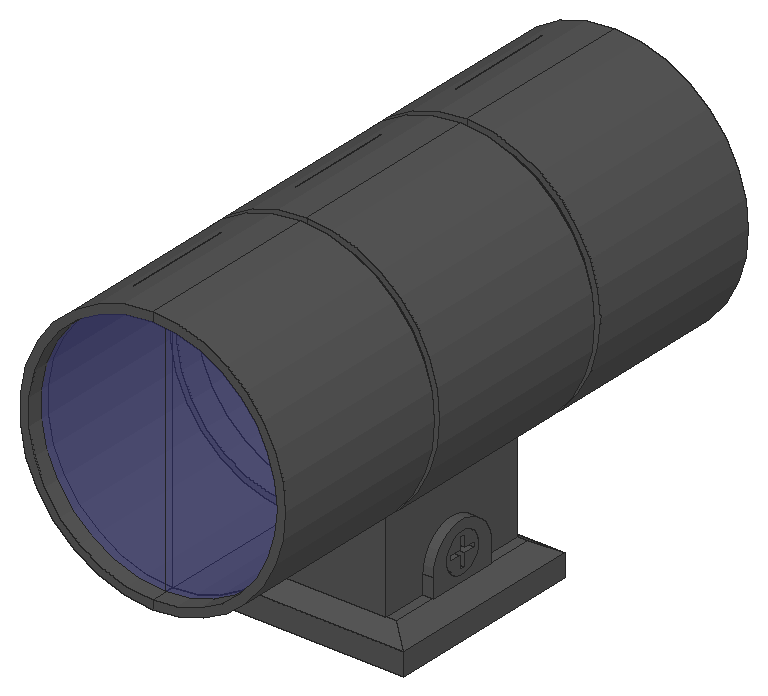
Revit family "CARLO CYLINDER LIGHT WALL MOUNT", category Lighting Fixtures, host Face, Revit 2020 (continued)
Types (10): name | Wattage_Input | Wattage Comments | Wattage | Photometric Web File | built-in parameter 1150142 | Model | built-in parameter 1150105 | Lumens | Light Length 1 | LIGHT RADIUS | LIGHT PLACEMENT | LIGHT LENGTH | LIGHT DIA | built-in parameter 1150106 | FIXED END HEIGHT | Curve base Height | Base Curve | BEAMING ANGLE | Apparent Load
    4 1.5388 1.4759 1.4174 1.3644 1.3163 1.274 \r\n 1.2334 1.1895 1.1466 1.108 1.0715 1.0367 1.0017 0.96382 0.92607 0.89125 \r\n 0.85706 0.82202 0.78651 0.7498 0.7137 0.68078 0.64814 0.61317 0.57765 0.54244 \r\n 0.50763 0.47362 0.44035 0.40918 0.37626 0.33546 0.29563 0.30575 0.32427 0.318 \r\n 0.31078 0.32247 0.33184 0.31101 0.29971 0.34874 0.39696 0.42587 0.45112 0.48497 \r\n 0.52013 0.55193 0.58477 0.6234 0.66208 0.69486 0.72707 0.76303 0.79988 0.83587 \r\n 0.87201 0.90887 0.94605 0.98331 1.0207 1.0579 1.0956 1.1344 1.1733 1.2108 \r\n 1.2484 1.287 1.3277 1.3727 1.4233 1.4827 1.548 1.6177 1.6905 1.7631 \r\n 1.8405 1.9277 2.0208 2.115 2.2188 2.3399 2.4762 2.6266 2.7963 2.9876 \r\n 3.2069 3.4643 3.7503 4.0482 4.3902 4.8072 5.2855 5.8124 6.4165 7.1433 \r\n 7.9288 8.7068 9.5296 10.446 11.401 12.343 13.312 14.345 15.413 16.498 \r\n 17.604 18.704 19.878 21.214 22.665 24.166 25.847 27.729 30.077 33.262 \r\n 36.993 39.685 45.599 60.036 78.3 97.234 117.53 138.02 161.1 189.79 \r\n 220.96 252.73 284.48 314.92 344.18 372.36 398.18 420.6 439.06 452.13 \r\n 461.34 467 471.26 477.09 482.3 485.14 487.35 490.34 493.38 496.11 \r\n 498.86 501.86 504.98 508.19 511.43 514.63 517.77 520.74 523.77 527.15 \r\n 530.56 533.68 536.79 540.06 543.55 547.31 551.56 556.47 562.28 569.11 \r\n 577.49 588.01 600.53 614.87 631.75 651.64 675.22 702.83 735.96 774.44 \r\n 823.48 891.88 968.69 1044.6 1123.5 1202.1 1293.1 1411 1547.1 1698 \r\n 1863.2 2041.3 2232.1 2437.7 2650.7 2863.6 3078 3293.3 3508.1 3722.5 \r\n 3931.9 4131.6 4321.5 4500.7 4667.6 4819.6 4959.3 5090.6 5207.7 5305.7 \r\n 5386.7 5449.8 5498.9 5538.2 5566.4 5583.3 5589 5583.1 5566.4 5540 \r\n 5509.6 \r\n5444.5 5549.8 5578 5594.7 5600.1 5594.6 5577.4 5547.1 5506.2 5458.8 \r\n 5399.3 5323.9 5231 5115.1 4984 4844.8 4693.9 4530 4353.9 4165.6 \r\n 3966.8 3758.6 3544.1 3325.8 3106.7 2890.8 2678.3 2469.9 2268.4 2076.7 \r\n 1895.5 1725 1569.2 1430.7 1312.9 1226.5 1152.1 1072.2 992.5 908.38 \r\n 832.86 781.38 742.04 707.84 679.47 655.44 635.24 617.93 603.27 590.68 \r\n 580.12 571.45 564.34 558.56 553.74 549.47 545.68 542.23 538.98 535.75 \r\n 532.53 529.14 525.82 522.82 519.97 517.25 514.47 511.36 508.19 505.13 \r\n 502.12 499.17 496.19 493.03 489.88 487.3 484.12 478.92 473.05 468.22 \r\n 461.85 452.18 438.53 418.97 395.41 368.79 340.13 310.99 280.68 248.36 \r\n 216.11 184.98 157.24 137.15 119.76 101.12 82.51 62.08 45.285 39.28 \r\n 37.126 33.701 30.704 28.146 25.979 24.224 22.696 21.173 19.787 18.656 \r\n 17.606 16.469 15.347 14.299 13.294 12.322 11.377 10.436 9.5366 8.7188 \r\n 7.9431 7.1639 6.4395 5.8237 5.2852 4.8116 4.4003 4.052 3.7445 3.4504 \r\n 3.1864 2.9634 2.772 2.6091 2.4663 2.3333 2.2134 2.1084 2.0125 1.9189 \r\n 1.8319 1.7552 1.6834 1.6119 1.5434 1.4788 1.4193 1.366 1.3192 1.2822 \r\n 1.2468 1.2068 1.1668 1.1304 1.0945 1.0565 1.0184 0.98211 0.94627 0.9102 \r\n 0.87414 0.83807 0.80201 0.76543 0.72988 0.69786 0.66585 0.63035 0.59383 0.55752 \r\n 0.5217 0.48736 0.45352 0.42045 0.3854 0.34343 0.30249 0.31377 0.33393 0.32923 \r\n 0.32209 0.32923 0.33393 0.31377 0.30249 0.34343 0.3854 0.42045 0.45352 0.48736 \r\n 0.5217 0.55752 0.59383 0.63035 0.66585 0.69786 0.72988 0.76543 0.80201 0.83807 \r\n 0.87414 0.9102 0.94627 0.98211 1.0184 1.0565 1.0945 1.1304 1.1668 1.2068 \r\n 1.2468 1.2822 1.3192 1.366 1.4193 1.4788 1.5434 1.6119 1.6834 1.7552 \r\n 1.8319 1.9189 2.0125 2.1084 2.2134 2.3333 2.4663 2.6091 2.772 2.9634 \r\n 3.1864 3.4504 3.7445 4.052 4.4003 4.8116 5.2852 5.8237 6.4395 7.1639 \r\n 7.9431 8.7188 9.5366 10.436 11.377 12.322 13.294 14.299 15.347 16.469 \r\n 17.606 18.656 19.787 21.173 22.696 24.224 25.979 28.146 30.704 33.701 \r\n 37.126 39.28 45.285 62.08 82.51 101.12 119.76 137.15 157.24 184.98 \r\n 216.11 248.36 280.68 310.99 340.13 368.79 395.41 418.97 438.53 452.18 \r\n 461.85 468.22 473.05 478.92 484.12 487.3 489.88 493.03 496.19 499.17 \r\n 502.12 505.13 508.19 511.36 514.47 517.25 519.97 522.82 525.82 529.14 \r\n 532.53 535.75 538.98 542.23 545.68 549.47 553.74 558.56 564.34 571.45 \r\n 580.12 590.68 603.27 617.93 635.24 655.44 679.47 707.84 742.04 781.38 \r\n 832.86 908.38 992.5 1072.2 1152.1 1226.5 1312.9 1430.7 1569.2 1725 \r\n 1895.5 2076.7 2268.4 2469.9 2678.3 2890.8 3106.7 3325.8 3544.1 3758.6 \r\n 3966.8 4165.6 4353.9 4530 4693.9 4844.8 4984 5115.1 5231 5323.9 \r\n 5399.3 5458.8 5506.2 5547.1 5577.4 5594.6 5600.1 5594.7 5578 5549.8 \r\n 5509.6 \r\n5444.5 5540 5566.4 5583.1 5589 5583.3 5566.4 5538.2 5498.9 5449.8 \r\n 5386.7 5305.7 5207.7 5090.6 4959.3 4819.6 4667.6 4500.7 4321.5 4131.6 \r\n 3931.9 3722.5 3508.1 3293.3 3078 2863.6 2650.7 2437.7 2232.1 2041.3 \r\n 1863.2 1697.9 1547.1 1411 1293.1 1202.1 1123.5 1044.6 968.69 891.88 \r\n 823.48 774.44 735.96 702.83 675.22 651.64 631.75 614.87 600.53 588.01 \r\n 577.49 569.11 562.28 556.47 551.56 547.31 543.55 540.06 536.79 533.68 \r\n 530.56 527.15 523.77 520.74 517.77 514.63 511.43 508.19 504.98 501.86 \r\n 498.86 496.11 493.38 490.34 487.35 485.14 482.3 477.09 471.26 467 \r\n 461.34 452.13 439.06 420.6 398.18 372.36 344.18 314.92 284.48 252.73 \r\n 220.97 189.79 161.1 138.02 117.53 97.234 78.3 60.036 45.599 39.685 \r\n 36.993 33.262 30.077 27.729 25.847 24.166 22.665 21.214 19.878 18.704 \r\n 17.604 16.498 15.413 14.345 13.312 12.343 11.401 10.446 9.5296 8.7068 \r\n 7.9288 7.1433 6.4165 5.8124 5.2855 4.8072 4.3902 4.0482 3.7503 3.4643 \r\n 3.2069 2.9876 2.7963 2.6266 2.4762 2.3399 2.2188 2.115 2.0208 1.9277 \r\n 1.8405 1.7631 1.6905 1.6177 1.548 1.4827 1.4233 1.3727 1.3277 1.287 \r\n 1.2484 1.2108 1.1733 1.1344 1.0956 1.0579 1.0207 0.98331 0.94605 0.90887 \r\n 0.87201 0.83587 0.79988 0.76303 0.72707 0.69486 0.66208 0.6234 0.58477 0.55193 \r\n 0.52013 0.48497 0.45112 0.42587 0.39696 0.34874 0.29971 0.31101 0.33184 0.32247 \r\n 0.31078 0.318 0.32427 0.30575 0.29563 0.33546 0.37626 0.40918 0.44035 0.47362 \r\n 0.50763 0.54244 0.57765 0.61317 0.64814 0.68078 0.7137 0.7498 0.78651 0.82202 \r\n 0.85706 0.89125 0.92607 0.96382 1.0017 1.0367 1.0715 1.108 1.1466 1.1895 \r\n 1.2334 1.274 1.3163 1.3644 1.4174 1.4759 1.5388 1.6054 1.6753 1.7465 \r\n 1.8232 1.9098 2.003 2.0992 2.2045 2.3239 2.4566 2.6004 2.7645 2.9555 \r\n 3.1784 3.444 3.7416 4.0553 4.4107 4.8292 5.3072 5.8424 6.4515 7.1677 \r\n 7.9385 8.7098 9.5198 10.396 11.317 12.27 13.25 14.237 15.261 16.357 \r\n 17.476 18.526 19.66 21.045 22.55 24.003 25.698 27.892 30.521 33.643 \r\n 37.142 39.533 44.991 58.463 76.143 96.339 117.65 136.63 157.76 185.7 \r\n 216.53 248.1 279.73 309.85 339 367.76 394.44 417.77 437.06 450.63 \r\n 460.11 465.84 469.97 475.38 480.25 483.33 485.84 488.69 491.59 494.57 \r\n 497.57 500.5 503.46 506.64 509.77 512.56 515.32 518.31 521.43 524.69 \r\n 528.02 531.33 534.74 538.33 542.17 546.27 550.87 556.14 562.39 569.85 \r\n 578.85 589.74 602.74 618.06 636.14 657.17 682.11 711.41 746.7 787.71 \r\n 840.53 916.21 999.6 1076 1155.2 1238.8 1336.3 1459.5 1601.9 1761.5 \r\n 1935.2 2119.9 2314.2 2515.9 2724.2 2938.8 3155.9 3372.2 3586.4 3797.3 \r\n 4001.4 4194.8 4377 4546.4 4704 4850.4 4985.3 5110.1 5219.5 5306.6 \r\n 5377.8 5437.4 5485.7 5524.9 5553 5567.7 5571.1 5564.9 5547.8 5519.2 \r\n 5509.6 \r\n5444.5 5531 5555.3 5571.3 5577.2 5570.8 5553.3 5526.1 5487 5435.3 \r\n 5368.2 5281.6 5178.5 5059.5 4927.3 4786 4632.1 4462 4279.8 4088.1 \r\n 3887.3 3676.8 3462.4 3250.4 3038.2 2825.4 2612.8 2397.5 2189.9 2000.9 \r\n 1826.6 1666.5 1520.7 1387.9 1271.2 1176.9 1095 1017.4 945.39 875.26 \r\n 813.34 766.72 729.27 697.31 670.54 647.56 628.12 611.73 597.8 585.46 \r\n 575.08 566.98 560.38 554.57 549.61 545.37 541.63 538.1 534.81 531.75 \r\n 528.68 525.26 521.84 518.79 515.72 512.27 508.76 505.42 502.18 499.02 \r\n 496.04 493.45 490.91 487.99 485.14 483.18 480.57 475.39 469.65 465.79 \r\n 460.56 451.5 438.66 420.9 399.25 373.98 346.14 316.72 286.12 254.85 \r\n 223.5 192.32 162.94 137.63 114.8 93.209 74.074 57.821 45.543 39.753 \r\n 36.63 32.714 29.438 27.28 25.636 24.023 22.551 21.165 19.872 18.669 \r\n 17.534 16.453 15.399 14.317 13.264 12.298 11.362 10.399 9.4733 8.6497 \r\n 7.8739 7.0895 6.3671 5.7772 5.2636 4.7857 4.3676 4.0322 3.7428 3.4652 \r\n 3.2152 3.0004 2.8104 2.6368 2.4814 2.3434 2.2222 2.1196 2.0271 1.9348 \r\n 1.8479 1.7702 1.6968 1.6235 1.5533 1.4877 1.4283 1.3796 1.3347 1.291 \r\n 1.2499 1.214 1.1785 1.1376 1.0963 1.0591 1.0225 0.98421 0.94577 0.90781 \r\n 0.87041 0.8342 0.79828 0.76135 0.72519 0.69266 0.65925 0.61877 0.57918 0.549 \r\n 0.52029 0.48534 0.45198 0.43138 0.40578 0.3531 0.29826 0.30718 0.32615 0.3135 \r\n 0.29913 0.30615 0.31332 0.29637 0.28742 0.32609 0.36569 0.39688 0.42654 0.45928 \r\n 0.49292 0.52679 0.56102 0.59577 0.63035 0.66348 0.69708 0.73347 0.77018 0.80526 \r\n 0.83953 0.87233 0.90621 0.94534 0.98427 1.0171 1.0494 1.0864 1.1268 1.1717 \r\n 1.2185 1.2636 1.31 1.3592 1.412 1.4696 1.5313 1.5965 1.6652 1.7362 \r\n 1.8128 1.8992 1.9924 2.089 2.1946 2.3135 2.4459 2.5907 2.7557 2.9463 \r\n 3.1688 3.435 3.7341 4.0518 4.4119 4.836 5.3174 5.8498 6.4527 7.1601 \r\n 7.9218 8.6885 9.4911 10.346 11.248 12.207 13.192 14.165 15.167 16.242 \r\n 17.344 18.398 19.538 20.919 22.407 23.802 25.455 27.689 30.387 33.602 \r\n 37.149 39.758 44.746 55.341 70.543 91.738 115 135.28 157.33 185.41 \r\n 215.95 246.9 277.91 307.85 336.99 365.84 392.6 415.83 435.02 448.71 \r\n 458.21 463.51 467.12 472.14 476.74 479.77 482.27 484.9 487.6 490.59 \r\n 493.64 496.52 499.43 502.62 505.79 508.6 511.4 514.51 517.71 520.91 \r\n 524.19 527.57 531.15 535.01 539.16 543.52 548.41 554.07 560.71 568.48 \r\n 577.79 588.98 602.36 618.25 637.01 658.78 684.52 714.66 750.92 793.44 \r\n 847.42 922.93 1005.5 1079.6 1158.7 1250.4 1357.2 1485.3 1631 1793.8 \r\n 1970.6 2158.3 2354.9 2556.8 2764.8 2980.6 3198.2 3412.1 3622.9 3830.7 \r\n 4031.1 4219.8 4397 4560.8 4712.9 4855.5 4986.4 5105.8 5209.6 5291.8 \r\n 5359.5 5419.1 5467.9 5505.8 5532 5544.7 5546.5 5539.7 5522.5 5493.5 \r\n 5509.6 \r\n5444.5 5522.8 5544.7 5559.5 5564.5 5556.9 5538.3 5510.6 5470.4 5415.3 \r\n 5343.6 5251.6 5143.5 5022 4887.9 4744.1 4587.3 4414 4228.8 4035.2 \r\n 3833 3621.6 3407.2 3197 2987.2 2776.2 2564.8 2349.1 2141.6 1955.6 \r\n 1785.5 1630.7 1490 1361.4 1247.2 1150.8 1066.7 990.9 922.61 858.53 \r\n 802.42 758.22 721.98 691.26 665.45 643.2 624.35 608.52 595.06 583.03 \r\n 572.88 565.05 558.65 552.88 547.89 543.67 539.94 536.37 533.02 529.97 \r\n 526.91 523.47 520.03 516.96 513.83 510.17 506.46 503.05 499.8 496.62 \r\n 493.65 491.18 488.79 485.98 483.24 481.41 478.93 473.84 468.21 464.58 \r\n 459.52 450.3 437.32 419.87 398.62 373.66 346 316.38 285.61 254.7 \r\n 223.73 192.59 162.78 135.97 111.57 89.044 69.833 55.434 45.116 39.485 \r\n 36.036 32.059 28.786 26.8 25.346 23.797 22.355 21.024 19.77 18.552 \r\n 17.395 16.335 15.303 14.214 13.15 12.188 11.259 10.295 9.3675 8.5476 \r\n 7.7783 7.0024 6.2913 5.7179 5.2195 4.7472 4.3326 4.0039 3.7221 3.4532 \r\n 3.2111 3.0017 2.8145 2.6396 2.4819 2.344 2.2236 2.1224 2.0313 1.9402 \r\n 1.8542 1.7762 1.7024 1.6292 1.5592 1.4937 1.4344 1.3851 1.3401 1.2943 \r\n 1.2514 1.2166 1.1822 1.1398 1.0969 1.0599 1.0238 0.98481 0.94544 0.90701 \r\n 0.86935 0.83309 0.79721 0.76039 0.72423 0.69126 0.65737 0.61647 0.57707 0.54873 \r\n 0.52218 0.48847 0.45609 0.43699 0.41184 0.35649 0.29814 0.30226 0.31688 0.30231 \r\n 0.28714 0.2937 0.30107 0.2856 0.27788 0.31532 0.35369 0.38354 0.41208 0.44432 \r\n 0.47756 0.51056 0.54394 0.57815 0.6125 0.64598 0.68001 0.71644 0.753 0.78777 \r\n 0.82155 0.85343 0.88668 0.92665 0.96623 0.9975 1.0283 1.0657 1.1072 1.1535 \r\n 1.2021 1.2506 1.3002 1.3504 1.4031 1.4601 1.5208 1.5852 1.6533 1.7241 \r\n 1.8009 1.8873 1.9806 2.0777 2.1837 2.3021 2.4341 2.5797 2.7455 2.9357 \r\n 3.1576 3.4231 3.7222 4.0415 4.4041 4.832 5.3157 5.8456 6.4429 7.1411 \r\n 7.8931 8.6549 9.4505 10.286 11.171 12.133 13.122 14.082 15.067 16.123 \r\n 17.212 18.273 19.421 20.796 22.267 23.621 25.25 27.534 30.301 33.578 \r\n 37.148 39.954 44.549 52.712 65.71 87.316 111.8 133.11 155.96 184.12 \r\n 214.37 244.78 275.24 304.99 334.11 363.03 389.9 413.16 432.41 446.41 \r\n 456.15 461.23 464.49 469.2 473.56 476.61 479.15 481.65 484.21 487.23 \r\n 490.33 493.19 496.09 499.31 502.52 505.37 508.22 511.4 514.67 517.81 \r\n 521.04 524.49 528.19 532.27 536.66 541.23 546.36 552.33 559.29 567.35 \r\n 576.94 588.42 602.14 618.52 637.85 660.25 686.7 717.58 754.7 798.56 \r\n 853.52 928.54 1010.3 1083 1162.8 1261.3 1375.8 1507.8 1656.4 1822.2 \r\n 2001.4 2191.9 2390.4 2592.4 2800 3016.1 3233.6 3445.5 3653.5 3858.6 \r\n 4055.9 4240.8 4413.8 4573 4720.8 4860 4987.5 5102.2 5201.4 5279.5 \r\n 5344.4 5403.7 5452.9 5489.8 5514.5 5525.8 5526.3 5519.3 5502 5472.7 \r\n 5509.6 \r\n5444.5 5515.3 5534.7 5547.6 5550.9 5541.6 5521.3 5491.9 5449.3 5389.8 \r\n 5313.1 5215.6 5102.5 4977.9 4841.2 4693.7 4533.4 4356.7 4168.6 3972.8 \r\n 3769.2 3556.8 3342.2 3133.2 2925.1 2716 2506.6 2292.6 2087.4 1905.4 \r\n 1740.1 1590.5 1455 1331.6 1221 1123.8 1038.6 964.93 900.34 841.69 \r\n 790.73 748.94 714.08 684.69 659.94 638.56 620.43 605.24 592.32 580.71 \r\n 570.89 563.32 557.08 551.37 546.4 542.2 538.46 534.84 531.44 528.33 \r\n 525.23 521.79 518.34 515.27 512.11 508.34 504.52 501.09 497.84 494.65 \r\n 491.71 489.31 487.01 484.31 481.66 479.83 477.37 472.43 466.94 463.37 \r\n 458.21 448.51 435.06 417.51 396.28 371.4 343.77 313.9 282.93 252.3 \r\n 221.65 190.59 160.6 133.05 107.84 84.738 65.576 52.875 44.319 38.88 \r\n 35.211 31.294 28.123 26.288 24.977 23.487 22.077 20.792 19.571 18.352 \r\n 17.188 16.144 15.128 14.037 12.968 12.013 11.092 10.133 9.2124 8.4006 \r\n 7.6421 6.8822 6.1891 5.6346 5.1532 4.6918 4.2852 3.9632 3.6881 3.4283 \r\n 3.1948 2.9916 2.8086 2.6349 2.4777 2.3415 2.223 2.1232 2.0334 1.9441 \r\n 1.8594 1.7813 1.7073 1.6348 1.5658 1.5008 1.4414 1.3906 1.3439 1.2968 \r\n 1.2528 1.2184 1.1846 1.1411 1.0971 1.0604 1.0247 0.98511 0.94506 0.90647 \r\n 0.86881 0.83251 0.79668 0.76016 0.72419 0.69066 0.65643 0.61649 0.57843 0.55113 \r\n 0.52579 0.49435 0.46345 0.44269 0.41515 0.35892 0.29934 0.29627 0.30402 0.28891 \r\n 0.27481 0.28063 0.28753 0.27347 0.26699 0.30315 0.34027 0.36917 0.39699 0.42877 \r\n 0.46156 0.49376 0.52641 0.5603 0.59458 0.62826 0.66249 0.69872 0.73498 0.76957 \r\n 0.80313 0.83456 0.86747 0.90776 0.94755 0.97803 1.008 1.0458 1.088 1.1347 \r\n 1.1843 1.2351 1.2869 1.338 1.3908 1.4473 1.5074 1.5714 1.6393 1.7104 \r\n 1.7875 1.874 1.9676 2.0653 2.1717 2.2897 2.4212 2.5675 2.734 2.9239 \r\n 3.1448 3.4084 3.7058 4.0244 4.3872 4.8172 5.3021 5.83 6.4223 7.1108 \r\n 7.8524 8.6091 9.398 10.217 11.086 12.048 13.038 13.989 14.961 16.001 \r\n 17.08 18.151 19.309 20.675 22.132 23.46 25.084 27.429 30.265 33.57 \r\n 37.137 40.121 44.401 50.577 61.644 83.072 108.04 130.11 153.65 181.83 \r\n 211.79 241.72 271.7 301.27 330.34 359.32 386.34 409.74 429.23 443.75 \r\n 453.93 459.01 462.08 466.56 470.74 473.85 476.5 478.94 481.44 484.48 \r\n 487.63 490.51 493.44 496.7 499.97 502.87 505.76 509 512.29 515.38 \r\n 518.57 522.07 525.88 530.09 534.65 539.4 544.73 550.93 558.15 566.45 \r\n 576.3 588.04 602.08 618.86 638.66 661.6 688.64 720.16 758.04 803.08 \r\n 858.82 933.04 1013.9 1086.3 1167.4 1271.4 1391.9 1527.3 1678.2 1846.4 \r\n 2027.9 2220.6 2420.8 2622.8 2829.8 3045.4 3262 3472.4 3678.4 3881.1 \r\n 4075.8 4257.7 4427.5 4583.2 4727.6 4863.9 4988.4 5099.4 5194.9 5269.8 \r\n 5332.3 5391.4 5440.7 5476.8 5500.6 5510.8 5510.5 5503.4 5486.3 5456.9 \r\n 5509.6 \r\n5444.5 5509.2 5525.7 5535.7 5536.4 5524.8 5501.9 5468.9 5421.7 5356.5 \r\n 5273.8 5170.9 5052.8 4924.2 4783.4 4630.6 4465.1 4284.9 4094 3895.5 \r\n 3689.9 3476.5 3261.6 3052.3 2844.9 2637.7 2431.4 2222.2 2022.8 1846.4 \r\n 1686.9 1542.6 1412.6 1296.2 1191.4 1095.1 1010 939.05 878.21 824.22 \r\n 777.64 738.31 705.12 677.22 653.72 633.45 616.27 601.87 589.62 578.65 \r\n 569.33 561.98 555.86 550.25 545.34 541.16 537.39 533.72 530.22 526.96 \r\n 523.73 520.28 516.87 513.8 510.66 506.95 503.17 499.77 496.54 493.36 \r\n 490.43 488.02 485.73 483.12 480.53 478.5 475.88 471.18 465.91 462.27 \r\n 456.74 446.12 431.66 413.42 391.7 366.57 338.76 308.54 277.33 246.83 \r\n 216.41 185.5 155.69 128.52 103.63 80.251 61.108 49.942 42.971 37.76 \r\n 33.996 30.333 27.425 25.722 24.488 23.052 21.677 20.424 19.228 18.03 \r\n 16.882 15.845 14.833 13.749 12.688 11.74 10.83 9.8863 8.9828 8.1841 \r\n 7.4419 6.7096 6.0458 5.5144 5.0534 4.6112 4.2199 3.9044 3.6339 3.3838 \r\n 3.1603 2.9648 2.7885 2.6204 2.468 2.3364 2.2214 2.1231 2.0344 1.9476 \r\n 1.8652 1.7871 1.7131 1.6427 1.5759 1.512 1.4527 1.4004 1.3519 1.3036 \r\n 1.2589 1.2229 1.1874 1.1428 1.0981 1.0617 1.0263 0.98615 0.94561 0.90743 \r\n 0.8703 0.83394 0.7981 0.76234 0
